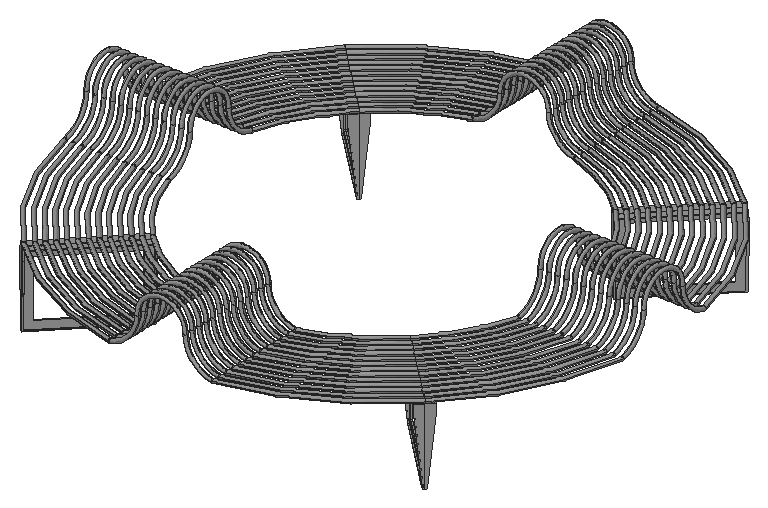
Revit family "Скамейка стальная вокруг дерева «Раструм Цикл» Арт 16759", category Антураж, Revit 2018 (continued)
Automatic sketch dimensions
  Sweep 115 sketch curve to Sweep 115 sketch curve = 35.413 mm  (x2)
  Sweep 115 sketch curve to Sweep 115 sketch curve = 150 mm
  Sweep 115 sketch curve to Sweep 115 sketch curve = 0 mm  (x2)
  Sweep 115 sketch curve to profile plane = 10 mm
  profile plane to Sweep 115 sketch curve = 37.326 mm
  Sweep 116 sketch curve to plane 5 = 1641.25 mm
  Sweep 116 sketch curve to plane 1 "По центру (Вперед/Назад)" = 1655 mm
  Sweep 116 sketch curve to plane 5 = 866.802 mm
  Sweep 116 sketch curve to Sweep 116 sketch curve = 289.59 mm
  Sweep 116 sketch curve to Sweep 116 sketch curve = 298.073 mm
  Sweep 116 sketch curve to profile plane = 10 mm
  level to Sweep 116 sketch curve = 450 mm
  Sweep 117 sketch curve to plane 6 = 150 mm
  Sweep 117 sketch curve to plane 4 = 1319.587 mm
  Sweep 117 sketch curve to Sweep 117 sketch curve = 335.413 mm  (x2)
  Sweep 117 sketch curve to Sweep 117 sketch curve = 35.413 mm  (x2)
  Sweep 117 sketch curve to Sweep 117 sketch curve = 150 mm
  Sweep 117 sketch curve to Sweep 117 sketch curve = 0 mm  (x2)
  Sweep 117 sketch curve to profile plane = 10 mm
  profile plane to Sweep 117 sketch curve = 37.326 mm
  Sweep 118 sketch curve to plane 5 = 1640 mm
  Sweep 118 sketch curve to plane 1 "По центру (Вперед/Назад)" = 1655 mm
  Sweep 118 sketch curve to plane 5 = 901.54 mm
  Sweep 118 sketch curve to Sweep 118 sketch curve = 273.556 mm
  Sweep 118 sketch curve to Sweep 118 sketch curve = 298.073 mm
  Sweep 118 sketch curve to profile plane = 10 mm
  level to Sweep 118 sketch curve = 450 mm
  Sweep 119 sketch curve to plane 6 = 150 mm
  Sweep 119 sketch curve to plane 4 = 1319.587 mm
  Sweep 119 sketch curve to Sweep 119 sketch curve = 335.413 mm  (x2)
  Sweep 119 sketch curve to Sweep 119 sketch curve = 35.413 mm  (x2)
  Sweep 119 sketch curve to Sweep 119 sketch curve = 150 mm
  Sweep 119 sketch curve to Sweep 119 sketch curve = 0 mm  (x2)
  Sweep 119 sketch curve to profile plane = 10 mm
  profile plane to Sweep 119 sketch curve = 37.326 mm
  level to Extrusion 120 sketch curve = 0 mm
  level to Extrusion 120 sketch curve = 390 mm
  Extrusion 120 sketch curve to Extrusion 120 sketch curve = 40 mm
  Extrusion 120 sketch curve to Extrusion 120 sketch curve = 50 mm  (x2)
  Extrusion 121 sketch curve to plane 6 = 357 mm
  level to Extrusion 121 sketch curve = 5 mm
  Extrusion 121 sketch curve to Extrusion 121 sketch curve = 39.487 mm
  Extrusion 121 sketch curve to Extrusion 121 sketch curve = 45 mm  (x2)
  level to Extrusion 122 sketch curve = 390 mm
  Extrusion 122 sketch curve to Extrusion 122 sketch curve = 5 mm
  level to Extrusion 122 sketch curve = 50 mm
  plane 3 "По центру (Влево/Вправо)" to Sweep 123 sketch curve = 1655 mm
  Sweep 123 sketch curve to plane 1 "По центру (Вперед/Назад)" = 1655 mm
  Sweep 123 sketch curve to plane 5 = 484.738 mm
  Sweep 123 sketch curve to plane 5 = 27.064 mm
  Sweep 123 sketch curve to plane 4 = 1356.927 mm
  profile plane to Sweep 123 sketch curve = 10 mm
  level to Sweep 123 sketch curve = 450 mm
  Sweep 124 sketch curve to plane 5 = 1654.375 mm
  Sweep 124 sketch curve to plane 1 "По центру (Вперед/Назад)" = 1655 mm
  Sweep 124 sketch curve to plane 5 = 519.781 mm
  Sweep 124 sketch curve to plane 5 = 77.296 mm
  Sweep 124 sketch curve to plane 4 = 1356.927 mm
  profile plane to Sweep 124 sketch curve = 10 mm
  level to Sweep 124 sketch curve = 450 mm
  Sweep 125 sketch curve to plane 5 = 1653.437 mm
  Sweep 125 sketch curve to plane 1 "По центру (Вперед/Назад)" = 1655 mm
  Sweep 125 sketch curve to plane 5 = 554.668 mm
  Sweep 125 sketch curve to plane 5 = 127.273 mm
  Sweep 125 sketch curve to plane 4 = 1356.927 mm
  profile plane to Sweep 125 sketch curve = 10 mm
  level to Sweep 125 sketch curve = 450 mm
  Sweep 126 sketch curve to plane 5 = 1652.5 mm
  Sweep 126 sketch curve to plane 1 "По центру (Вперед/Назад)" = 1655 mm
  Sweep 126 sketch curve to plane 5 = 589.555 mm
  Sweep 126 sketch curve to plane 5 = 177.313 mm
  Sweep 126 sketch curve to plane 4 = 1356.927 mm
  profile plane to Sweep 126 sketch curve = 10 mm
  level to Sweep 126 sketch curve = 450 mm
  Sweep 127 sketch curve to plane 5 = 1651.484 mm
  Sweep 127 sketch curve to plane 1 "По центру (Вперед/Назад)" = 1655 mm
  Sweep 127 sketch curve to plane 5 = 624.403 mm
  Sweep 127 sketch curve to plane 5 = 227.344 mm
  Sweep 127 sketch curve to plane 4 = 1356.927 mm
  profile plane to Sweep 127 sketch curve = 10 mm
  level to Sweep 127 sketch curve = 450 mm
  Sweep 128 sketch curve to plane 5 = 1650.313 mm
  Sweep 128 sketch curve to plane 1 "По центру (Вперед/Назад)" = 1655 mm
  Sweep 128 sketch curve to plane 5 = 659.174 mm
  Sweep 128 sketch curve to plane 5 = 277.295 mm
  Sweep 128 sketch curve to plane 4 = 1356.927 mm
  profile plane to Sweep 128 sketch curve = 10 mm
  level to Sweep 128 sketch curve = 450 mm
  Sweep 129 sketch curve to plane 5 = 1649.063 mm
  Sweep 129 sketch curve to plane 1 "По центру (Вперед/Назад)" = 1655 mm
  Sweep 129 sketch curve to plane 5 = 693.906 mm
  Sweep 129 sketch curve to plane 5 = 327.254 mm
  Sweep 129 sketch curve to Sweep 129 sketch curve = 298.073 mm
  profile plane to Sweep 129 sketch curve = 10 mm
  level to Sweep 129 sketch curve = 450 mm
  Sweep 130 sketch curve to plane 5 = 1647.813 mm
  Sweep 130 sketch curve to plane 1 "По центру (Вперед/Назад)" = 1655 mm
  Sweep 130 sketch curve to plane 5 = 728.639 mm
  Sweep 130 sketch curve to plane 5 = 377.31 mm
  Sweep 130 sketch curve to Sweep 130 sketch curve = 298.073 mm
  profile plane to Sweep 130 sketch curve = 10 mm
  level to Sweep 130 sketch curve = 450 mm
  Sweep 131 sketch curve to plane 5 = 1646.25 mm
  Sweep 131 sketch curve to plane 1 "По центру (Вперед/Назад)" = 1655 mm
  Sweep 131 sketch curve to plane 5 = 763.217 mm
  Sweep 131 sketch curve to plane 5 = 427.161 mm
  Sweep 131 sketch curve to Sweep 131 sketch curve = 298.073 mm
  profile plane to Sweep 131 sketch curve = 10 mm
  level to Sweep 131 sketch curve = 450 mm
  Sweep 132 sketch curve to plane 5 = 1645 mm
  Sweep 132 sketch curve to plane 1 "По центру (Вперед/Назад)" = 1655 mm
  Sweep 132 sketch curve to plane 5 = 797.951 mm
  Sweep 132 sketch curve to plane 5 = 477.448 mm
  Sweep 132 sketch curve to Sweep 132 sketch curve = 298.073 mm
  profile plane to Sweep 132 sketch curve = 10 mm
  level to Sweep 132 sketch curve = 450 mm
  Sweep 133 sketch curve to plane 5 = 1643.088 mm
  Sweep 133 sketch curve to plane 1 "По центру (Вперед/Назад)" = 1655 mm
  Sweep 133 sketch curve to plane 5 = 832.358 mm
  Sweep 133 sketch curve to plane 5 = 527.213 mm
  Sweep 133 sketch curve to Sweep 133 sketch curve = 298.073 mm
  profile plane to Sweep 133 sketch curve = 10 mm
  level to Sweep 133 sketch curve = 450 mm
  Sweep 134 sketch curve to plane 5 = 1641.25 mm
  Sweep 134 sketch curve to plane 1 "По центру (Вперед/Назад)" = 1655 mm
  Sweep 134 sketch curve to plane 5 = 866.802 mm
  Sweep 134 sketch curve to Sweep 134 sketch curve = 289.59 mm
  Sweep 134 sketch curve to Sweep 134 sketch curve = 298.073 mm
  profile plane to Sweep 134 sketch curve = 10 mm
  level to Sweep 134 sketch curve = 450 mm
  Sweep 135 sketch curve to plane 5 = 1640 mm
  Sweep 135 sketch curve to plane 1 "По центру (Вперед/Назад)" = 1655 mm
  Sweep 135 sketch curve to plane 5 = 901.54 mm
  Sweep 135 sketch curve to Sweep 135 sketch curve = 273.556 mm
  Sweep 135 sketch curve to Sweep 135 sketch curve = 298.073 mm
  profile plane to Sweep 135 sketch curve = 10 mm
  level to Sweep 135 sketch curve = 450 mm
  Extrusion 136 sketch curve to level = 0 mm
  level to Extrusion 136 sketch curve = 390 mm
  Extrusion 136 sketch curve to Extrusion 136 sketch curve = 40 mm
  Extrusion 136 sketch curve to Extrusion 136 sketch curve = 50 mm  (x2)
  Extrusion 137 sketch curve to plane 6 = 357 mm
  level to Extrusion 137 sketch curve = 5 mm
  Extrusion 137 sketch curve to Extrusion 137 sketch curve = 39.487 mm
  Extrusion 137 sketch curve to Extrusion 137 sketch curve = 45 mm  (x2)
  level to Extrusion 138 sketch curve = 390 mm
  Extrusion 138 sketch curve to Extrusion 138 sketch curve = 5 mm
  level to Extrusion 138 sketch curve = 50 mm
  Sweep 139 sketch curve to plane 1 "По центру (Вперед/Назад)" = 1655 mm
  plane 3 "По центру (Влево/Вправо)" to Sweep 139 sketch curve = 1655 mm
  Sweep 139 sketch curve to plane 1 "По центру (Вперед/Назад)" = 484.738 mm
  Sweep 139 sketch curve to plane 1 "По центру (Вперед/Назад)" = 27.064 mm
  plane 3 "По центру (Влево/Вправо)" to Sweep 139 sketch curve = 1356.927 mm
  Sweep 139 sketch curve to profile plane = 10 mm
  level to Sweep 139 sketch curve = 450 mm
  Sweep 140 sketch curve to plane 6 = 150 mm
  Sweep 140 sketch curve to plane 5 = 1319.587 mm
  Sweep 140 sketch curve to Sweep 140 sketch curve = 335.413 mm  (x2)
  Sweep 140 sketch curve to Sweep 140 sketch curve = 35.413 mm  (x2)
  Sweep 140 sketch curve to Sweep 140 sketch curve = 150 mm
  Sweep 140 sketch curve to Sweep 140 sketch curve = 0 mm  (x2)
  Sweep 140 sketch curve to profile plane = 10 mm
  profile plane to Sweep 140 sketch curve = 37.092 mm
  Sweep 141 sketch curve to plane 1 "По центру (Вперед/Назад)" = 1654.375 mm
  plane 3 "По центру (Влево/Вправо)" to Sweep 141 sketch curve = 1655 mm
  Sweep 141 sketch curve to plane 1 "По центру (Вперед/Назад)" = 519.781 mm
  Sweep 141 sketch curve to plane 1 "По центру (Вперед/Назад)" = 77.296 mm
  plane 3 "По центру (Влево/Вправо)" to Sweep 141 sketch curve = 1356.927 mm
  Sweep 141 sketch curve to profile plane = 10 mm
  level to Sweep 141 sketch curve = 450 mm
  Sweep 142 sketch curve to plane 6 = 150 mm
  Sweep 142 sketch curve to plane 5 = 1319.587 mm
  Sweep 142 sketch curve to Sweep 142 sketch curve = 335.413 mm  (x2)
  Sweep 142 sketch curve to Sweep 142 sketch curve = 35.413 mm  (x2)
  Sweep 142 sketch curve to Sweep 142 sketch curve = 150 mm
  Sweep 142 sketch curve to Sweep 142 sketch curve = 0 mm  (x2)
  Sweep 142 sketch curve to profile plane = 10 mm
  profile plane to Sweep 142 sketch curve = 37.326 mm
  Sweep 143 sketch curve to plane 1 "По центру (Вперед/Назад)" = 1653.437 mm
  plane 3 "По центру (Влево/Вправо)" to Sweep 143 sketch curve = 1655 mm
  Sweep 143 sketch curve to plane 1 "По центру (Вперед/Назад)" = 554.668 mm
  Sweep 143 sketch curve to plane 1 "По центру (Вперед/Назад)" = 127.273 mm
  plane 3 "По центру (Влево/Вправо)" to Sweep 143 sketch curve = 1356.927 mm
  Sweep 143 sketch curve to profile plane = 10 mm
  level to Sweep 143 sketch curve = 450 mm
  Sweep 144 sketch curve to plane 6 = 150 mm
  Sweep 144 sketch curve to plane 5 = 1319.587 mm
  Sweep 144 sketch curve to Sweep 144 sketch curve = 335.413 mm  (x2)
  Sweep 144 sketch curve to Sweep 144 sketch curve = 35.413 mm  (x2)
  Sweep 144 sketch curve to Sweep 144 sketch curve = 150 mm
  Sweep 144 sketch curve to Sweep 144 sketch curve = 0 mm  (x2)
  Sweep 144 sketch curve to profile plane = 10 mm
  profile plane to Sweep 144 sketch curve = 37.326 mm
  Sweep 145 sketch curve to plane 1 "По центру (Вперед/Назад)" = 1652.5 mm
  plane 3 "По центру (Влево/Вправо)" to Sweep 145 sketch curve = 1655 mm
  Sweep 145 sketch curve to plane 1 "По центру (Вперед/Назад)" = 589.555 mm
  Sweep 145 sketch curve to plane 1 "По центру (Вперед/Назад)" = 177.313 mm
  plane 3 "По центру (Влево/Вправо)" to Sweep 145 sketch curve = 1356.927 mm
  Sweep 145 sketch curve to profile plane = 10 mm
  level to Sweep 145 sketch curve = 450 mm
  Sweep 146 sketch curve to plane 6 = 150 mm
  Sweep 146 sketch curve to plane 5 = 1319.587 mm
  Sweep 146 sketch curve to Sweep 146 sketch curve = 335.413 mm  (x2)
  Sweep 146 sketch curve to Sweep 146 sketch curve = 35.413 mm  (x2)
  Sweep 146 sketch curve to Sweep 146 sketch curve = 150 mm
  Sweep 146 sketch curve to Sweep 146 sketch curve = 0 mm  (x2)
  Sweep 146 sketch curve to profile plane = 10 mm
  profile plane to Sweep 146 sketch curve = 37.326 mm
  Sweep 147 sketch curve to plane 1 "По центру (Вперед/Назад)" = 1651.484 mm
  plane 3 "По центру (Влево/Вправо)" to Sweep 147 sketch curve = 1655 mm
  Sweep 147 sketch curve to plane 1 "По центру (Вперед/Назад)" = 624.403 mm
  Sweep 147 sketch curve to plane 1 "По центру (Вперед/Назад)" = 227.344 mm
  plane 3 "По центру (Влево/Вправо)" to Sweep 147 sketch curve = 1356.927 mm
  Sweep 147 sketch curve to profile plane = 10 mm
  level to Sweep 147 sketch curve = 450 mm
  Sweep 148 sketch curve to plane 6 = 150 mm
  Sweep 148 sketch curve to plane 5 = 1319.587 mm
  Sweep 148 sketch curve to Sweep 148 sketch curve = 335.413 mm  (x2)
  Sweep 148 sketch curve to Sweep 148 sketch curve = 35.413 mm  (x2)
  Sweep 148 sketch curve to Sweep 148 sketch curve = 150 mm
  Sweep 148 sketch curve to Sweep 148 sketch curve = 0 mm  (x2)
  Sweep 148 sketch curve to profile plane = 10 mm
  profile plane to Sweep 148 sketch curve = 37.326 mm
  Sweep 149 sketch curve to plane 1 "По центру (Вперед/Назад)" = 1650.312 mm
  plane 3 "По центру (Влево/Вправо)" to Sweep 149 sketch curve = 1655 mm
  Sweep 149 sketch curve to plane 1 "По центру (Вперед/Назад)" = 659.174 mm
  Sweep 149 sketch curve to plane 1 "По центру (Вперед/Назад)" = 277.295 mm
  plane 3 "По центру (Влево/Вправо)" to Sweep 149 sketch curve = 1356.927 mm
  Sweep 149 sketch curve to profile plane = 10 mm
  level to Sweep 149 sketch curve = 450 mm
  Sweep 150 sketch curve to plane 6 = 150 mm
  Sweep 150 sketch curve to plane 5 = 1319.587 mm
  Sweep 150 sketch curve to Sweep 150 sketch curve = 335.413 mm  (x2)
  Sweep 150 sketch curve to Sweep 150 sketch curve = 35.413 mm  (x2)
  Sweep 150 sketch curve to Sweep 150 sketch curve = 150 mm
  Sweep 150 sketch curve to Sweep 150 sketch curve = 0 mm  (x2)
  Sweep 150 sketch curve to profile plane = 10 mm
  profile plane to Sweep 150 sketch curve = 37.326 mm
  Sweep 151 sketch curve to plane 1 "По центру (Вперед/Назад)" = 1649.062 mm
  plane 3 "По центру (Влево/Вправо)" to Sweep 151 sketch curve = 1655 mm
  Sweep 151 sketch curve to plane 1 "По центру (Вперед/Назад)" = 693.906 mm
  Sweep 151 sketch curve to plane 1 "По центру (Вперед/Назад)" = 327.254 mm
  Sweep 151 sketch curve to Sweep 151 sketch curve = 298.073 mm
  Sweep 151 sketch curve to profile plane = 10 mm
  level to Sweep 151 sketch curve = 450 mm
  Sweep 152 sketch curve to plane 6 = 150 mm
  Sweep 152 sketch curve to plane 5 = 1319.587 mm
  Sweep 152 sketch curve to Sweep 152 sketch curve = 335.413 mm  (x2)
  Sweep 152 sketch curve to Sweep 152 sketch curve = 35.413 mm  (x2)
  Sweep 152 sketch curve to Sweep 152 sketch curve = 150 mm
  Sweep 152 sketch curve to Sweep 152 sketch curve = 0 mm  (x2)
  Sweep 152 sketch curve to profile plane = 10 mm
  profile plane to Sweep 152 sketch curve = 37.326 mm
  Sweep 153 sketch curve to plane 1 "По центру (Вперед/Назад)" = 1647.812 mm
  plane 3 "По центру (Влево/Вправо)" to Sweep 153 sketch curve = 1655 mm
  Sweep 153 sketch curve to plane 1 "По центру (Вперед/Назад)" = 728.639 mm
  Sweep 153 sketch curve to plane 1 "По центру (Вперед/Назад)" = 377.31 mm
  Sweep 153 sketch curve to Sweep 153 sketch curve = 298.073 mm
  Sweep 153 sketch curve to profile plane = 10 mm
  level to Sweep 153 sketch curve = 450 mm
  Sweep 154 sketch curve to plane 6 = 150 mm
  Sweep 154 sketch curve to plane 5 = 1319.587 mm
  Sweep 154 sketch curve to Sweep 154 sketch curve = 335.413 mm  (x2)
  Sweep 154 sketch curve to Sweep 154 sketch curve = 35.413 mm  (x2)
  Sweep 154 sketch curve to Sweep 154 sketch curve = 150 mm
  Sweep 154 sketch curve to Sweep 154 sketch curve = 0 mm  (x2)
  Sweep 154 sketch curve to profile plane = 10 mm
  profile plane to Sweep 154 sketch curve = 37.326 mm
  Sweep 155 sketch curve to plane 1 "По центру (Вперед/Назад)" = 1646.25 mm
  plane 3 "По центру (Влево/Вправо)" to Sweep 155 sketch curve = 1655 mm
  Sweep 155 sketch curve to plane 1 "По центру (Вперед/Назад)" = 763.217 mm
  Sweep 155 sketch curve to plane 1 "По центру (Вперед/Назад)" = 427.161 mm
  Sweep 155 sketch curve to Sweep 155 sketch curve = 298.073 mm
  Sweep 155 sketch curve to profile plane = 10 mm
  level to Sweep 155 sketch curve = 450 mm
  Sweep 156 sketch curve to plane 6 = 150 mm
  Sweep 156 sketch curve to plane 5 = 1319.587 mm
  Sweep 156 sketch curve to Sweep 156 sketch curve = 335.413 mm  (x2)
  Sweep 156 sketch curve to Sweep 156 sketch curve = 35.413 mm  (x2)
  Sweep 156 sketch curve to Sweep 156 sketch curve = 150 mm
  Sweep 156 sketch curve to Sweep 156 sketch curve = 0 mm  (x2)
  Sweep 156 sketch curve to profile plane = 10 mm
  profile plane to Sweep 156 sketch curve = 37.326 mm
  Sweep 157 sketch curve to plane 1 "По центру (Вперед/Назад)" = 1645 mm
  plane 3 "По центру (Влево/Вправо)" to Sweep 157 sketch curve = 1655 mm
  Sweep 157 sketch curve to plane 1 "По центру (Вперед/Назад)" = 797.951 mm
  Sweep 157 sketch curve to plane 1 "По центру (Вперед/Назад)" = 477.448 mm
  Sweep 157 sketch curve to Sweep 157 sketch curve = 298.073 mm
  Sweep 157 sketch curve to profile plane = 10 mm
  level to Sweep 157 sketch curve = 450 mm
  Sweep 158 sketch curve to plane 6 = 150 mm
  Sweep 158 sketch curve to plane 5 = 1319.587 mm
  Sweep 158 sketch curve to Sweep 158 sketch curve = 335.413 mm  (x2)
  Sweep 158 sketch curve to Sweep 158 sketch curve = 35.413 mm  (x2)
  Sweep 158 sketch curve to Sweep 158 sketch curve = 150 mm
  Sweep 158 sketch curve to Sweep 158 sketch curve = 0 mm  (x2)
  Sweep 158 sketch curve to profile plane = 10 mm
  profile plane to Sweep 158 sketch curve = 37.326 mm
  Sweep 159 sketch curve to plane 1 "По центру (Вперед/Назад)" = 1643.088 mm
  plane 3 "По центру (Влево/Вправо)" to Sweep 159 sketch curve = 1655 mm
  Sweep 159 sketch curve to plane 1 "По центру (Вперед/Назад)" = 832.358 mm
  Sweep 159 sketch curve to plane 1 "По центру (Вперед/Назад)" = 527.213 mm
  Sweep 159 sketch curve to Sweep 159 sketch curve = 298.073 mm
  Sweep 159 sketch curve to profile plane = 10 mm
  level to Sweep 159 sketch curve = 450 mm
  Sweep 160 sketch curve to plane 6 = 150 mm
  Sweep 160 sketch curve to plane 5 = 1319.587 mm
  Sweep 160 sketch curve to Sweep 160 sketch curve = 335.413 mm  (x2)
  Sweep 160 sketch curve to Sweep 160 sketch curve = 35.413 mm  (x2)
  Sweep 160 sketch curve to Sweep 160 sketch curve = 150 mm
  Sweep 160 sketch curve to Sweep 160 sketch curve = 0 mm  (x2)
  Sweep 160 sketch curve to profile plane = 10 mm
  profile plane to Sweep 160 sketch curve = 37.326 mm
  Sweep 161 sketch curve to plane 1 "По центру (Вперед/Назад)" = 1641.25 mm
  plane 3 "По центру (Влево/Вправо)" to Sweep 161 sketch curve = 1655 mm
  Sweep 161 sketch curve to plane 1 "По центру (Вперед/Назад)" = 866.802 mm
  Sweep 161 sketch curve to Sweep 161 sketch curve = 289.59 mm
  Sweep 161 sketch curve to Sweep 161 sketch curve = 298.073 mm
  Sweep 161 sketch curve to profile plane = 10 mm
  level to Sweep 161 sketch curve = 450 mm
  Sweep 162 sketch curve to plane 6 = 150 mm
  Sweep 162 sketch curve to plane 5 = 1319.587 mm
  Sweep 162 sketch curve to Sweep 162 sketch curve = 335.413 mm  (x2)
  Sweep 162 sketch curve to Sweep 162 sketch curve = 35.413 mm  (x2)
  Sweep 162 sketch curve to Sweep 162 sketch curve = 150 mm
  Sweep 162 sketch curve to Sweep 162 sketch curve = 0 mm  (x2)
  Sweep 162 sketch curve to profile plane = 10 mm
  profile plane to Sweep 162 sketch curve = 37.326 mm
  Sweep 163 sketch curve to plane 1 "По центру (Вперед/Назад)" = 1640 mm
  plane 3 "По центру (Влево/Вправо)" to Sweep 163 sketch curve = 1655 mm
  Sweep 163 sketch curve to plane 1 "По центру (Вперед/Назад)" = 901.54 mm
  Sweep 163 sketch curve to Sweep 163 sketch curve = 273.556 mm
  Sweep 163 sketch curve to Sweep 163 sketch curve = 298.073 mm
  Sweep 163 sketch curve to profile plane = 10 mm
  level to Sweep 163 sketch curve = 450 mm
  Sweep 164 sketch curve to plane 6 = 150 mm
  Sweep 164 sketch curve to plane 5 = 1319.587 mm
  Sweep 164 sketch curve to Sweep 164 sketch curve = 335.413 mm  (x2)
  Sweep 164 sketch curve to Sweep 164 sketch curve = 35.413 mm  (x2)
  Sweep 164 sketch curve to Sweep 164 sketch curve = 150 mm
  Sweep 164 sketch curve to Sweep 164 sketch curve = 0 mm  (x2)
  Sweep 164 sketch curve to profile plane = 10 mm
  profile plane to Sweep 164 sketch curve = 37.326 mm
  level to Extrusion 165 sketch curve = 0 mm
  level to Extrusion 165 sketch curve = 390 mm
  Extrusion 165 sketch curve to Extrusion 165 sketch curve = 40 mm
  Extrusion 165 sketch curve to Extrusion 165 sketch curve = 50 mm  (x2)
  Extrusion 166 sketch curve to plane 6 = 357 mm
  level to Extrusion 166 sketch curve = 5 mm
  Extrusion 166 sketch curve to Extrusion 166 sketch curve = 39.487 mm
  Extrusion 166 sketch curve to Extrusion 166 sketch curve = 45 mm  (x2)
  level to Extrusion 167 sketch curve = 390 mm
  Extrusion 167 sketch curve to Extrusion 167 sketch curve = 5 mm
  level to Extrusion 167 sketch curve = 50 mm
  Sweep 168 sketch curve to plane 1 "По центру (Вперед/Назад)" = 1655 mm
  plane 3 "По центру (Влево/Вправо)" to Sweep 168 sketch curve = 1655 mm
  Sweep 168 sketch curve to plane 1 "По центру (Вперед/Назад)" = 484.738 mm
  Sweep 168 sketch curve to plane 1 "По центру (Вперед/Назад)" = 27.064 mm
  Sweep 168 sketch curve to plane 5 = 1356.927 mm
  profile plane to Sweep 168 sketch curve = 10 mm
  level to Sweep 168 sketch curve = 450 mm
  Sweep 169 sketch curve to plane 1 "По центру (Вперед/Назад)" = 1654.375 mm
  plane 3 "По центру (Влево/Вправо)" to Sweep 169 sketch curve = 1655 mm
  Sweep 169 sketch curve to plane 1 "По центру (Вперед/Назад)" = 519.781 mm
  Sweep 169 sketch curve to plane 1 "По центру (Вперед/Назад)" = 77.296 mm
  Sweep 169 sketch curve to plane 5 = 1356.927 mm
  profile plane to Sweep 169 sketch curve = 10 mm
  level to Sweep 169 sketch curve = 450 mm
  Sweep 170 sketch curve to plane 1 "По центру (Вперед/Назад)" = 1653.437 mm
  plane 3 "По центру (Влево/Вправо)" to Sweep 170 sketch curve = 1655 mm
  Sweep 170 sketch curve to plane 1 "По центру (Вперед/Назад)" = 554.668 mm
  Sweep 170 sketch curve to plane 1 "По центру (Вперед/Назад)" = 127.273 mm
  Sweep 170 sketch curve to plane 5 = 1356.927 mm
  profile plane to Sweep 170 sketch curve = 10 mm
  level to Sweep 170 sketch curve = 450 mm
  Sweep 171 sketch curve to plane 1 "По центру (Вперед/Назад)" = 1652.5 mm
  plane 3 "По центру (Влево/Вправо)" to Sweep 171 sketch curve = 1655 mm
  Sweep 171 sketch curve to plane 1 "По центру (Вперед/Назад)" = 589.555 mm
  Sweep 171 sketch curve to plane 1 "По центру (Вперед/Назад)" = 177.313 mm
  Sweep 171 sketch curve to plane 5 = 1356.927 mm
  profile plane to Sweep 171 sketch curve = 10 mm
  level to Sweep 171 sketch curve = 450 mm
  Sweep 172 sketch curve to plane 1 "По центру (Вперед/Назад)" = 1651.484 mm
  plane 3 "По центру (Влево/Вправо)" to Sweep 172 sketch curve = 1655 mm
  Sweep 172 sketch curve to plane 1 "По центру (Вперед/Назад)" = 624.403 mm
  Sweep 172 sketch curve to plane 1 "По центру (Вперед/Назад)" = 227.344 mm
  Sweep 172 sketch curve to plane 5 = 1356.927 mm
  profile plane to Sweep 172 sketch curve = 10 mm
  level to Sweep 172 sketch curve = 450 mm
  Sweep 173 sketch curve to plane 1 "По центру (Вперед/Назад)" = 1650.312 mm
  plane 3 "По центру (Влево/Вправо)" to Sweep 173 sketch curve = 1655 mm
  Sweep 173 sketch curve to plane 1 "По центру (Вперед/Назад)" = 659.174 mm
  Sweep 173 sketch curve to plane 1 "По центру (Вперед/Назад)" = 277.295 mm
  Sweep 173 sketch curve to plane 5 = 1356.927 mm
  profile plane to Sweep 173 sketch curve = 10 mm
  level to Sweep 173 sketch curve = 450 mm
  Sweep 174 sketch curve to plane 1 "По центру (Вперед/Назад)" = 1649.062 mm
  plane 3 "По центру (Влево/Вправо)" to Sweep 174 sketch curve = 1655 mm
  Sweep 174 sketch curve to plane 1 "По центру (Вперед/Назад)" = 693.906 mm
  Sweep 174 sketch curve to plane 1 "По центру (Вперед/Назад)" = 327.254 mm
  Sweep 174 sketch curve to Sweep 174 sketch curve = 298.073 mm
  profile plane to Sweep 174 sketch curve = 10 mm
  level to Sweep 174 sketch curve = 450 mm
  Sweep 175 sketch curve to plane 1 "По центру (Вперед/Назад)" = 1647.812 mm
  plane 3 "По центру (Влево/Вправо)" to Sweep 175 sketch curve = 1655 mm
  Sweep 175 sketch curve to plane 1 "По центру (Вперед/Назад)" = 728.639 mm
  Sweep 175 sketch curve to plane 1 "По центру (Вперед/Назад)" = 377.31 mm
  Sweep 175 sketch curve to Sweep 175 sketch curve = 298.073 mm
  profile plane to Sweep 175 sketch curve = 10 mm
  level to Sweep 175 sketch curve = 450 mm
  Sweep 176 sketch curve to plane 1 "По центру (Вперед/Назад)" = 1646.25 mm
  plane 3 "По центру (Влево/Вправо)" to Sweep 176 sketch curve = 1655 mm
  Sweep 176 sketch curve to plane 1 "По центру (Вперед/Назад)" = 763.217 mm
  Sweep 176 sketch curve to plane 1 "По центру (Вперед/Назад)" = 427.161 mm
  Sweep 176 sketch curve to Sweep 176 sketch curve = 298.073 mm
  profile plane to Sweep 176 sketch curve = 10 mm
  level to Sweep 176 sketch curve = 450 mm
  Sweep 177 sketch curve to plane 1 "По центру (Вперед/Назад)" = 1645 mm
  plane 3 "По центру (Влево/Вправо)" to Sweep 177 sketch curve = 1655 mm
  Sweep 177 sketch curve to plane 1 "По центру (Вперед/Назад)" = 797.951 mm
  Sweep 177 sketch curve to plane 1 "По центру (Вперед/Назад)" = 477.448 mm
  Sweep 177 sketch curve to Sweep 177 sketch curve = 298.073 mm
  profile plane to Sweep 177 sketch curve = 10 mm
  level to Sweep 177 sketch curve = 450 mm
  Sweep 178 sketch curve to plane 1 "По центру (Вперед/Назад)" = 1643.088 mm
  plane 3 "По центру (Влево/Вправо)" to Sweep 178 sketch curve = 1655 mm
  Sweep 178 sketch curve to plane 1 "По центру (Вперед/Назад)" = 832.358 mm
  Sweep 178 sketch curve to plane 1 "По центру (Вперед/Назад)" = 527.213 mm
  Sweep 178 sketch curve to Sweep 178 sketch curve = 298.073 mm
  profile plane to Sweep 178 sketch curve = 10 mm
  level to Sweep 178 sketch curve = 450 mm
  Sweep 179 sketch curve to plane 1 "По центру (Вперед/Назад)" = 1641.25 mm
  plane 3 "По центру (Влево/Вправо)" to Sweep 179 sketch curve = 1655 mm
  Sweep 179 sketch curve to plane 1 "По центру (Вперед/Назад)" = 866.802 mm
  Sweep 179 sketch curve to Sweep 179 sketch curve = 289.59 mm
  Sweep 179 sketch curve to Sweep 179 sketch curve = 298.073 mm
  profile plane to Sweep 179 sketch curve = 10 mm
  level to Sweep 179 sketch curve = 450 mm
  Sweep 180 sketch curve to plane 1 "По центру (Вперед/Назад)" = 1640 mm
  plane 3 "По центру (Влево/Вправо)" to Sweep 180 sketch curve = 1655 mm
  Sweep 180 sketch curve to plane 1 "По центру (Вперед/Назад)" = 901.54 mm
  Sweep 180 sketch curve to Sweep 180 sketch curve = 273.556 mm
  Sweep 180 sketch curve to Sweep 180 sketch curve = 298.073 mm
  profile plane to Sweep 180 sketch curve = 10 mm
  level to Sweep 180 sketch curve = 450 mm
  level to Extrusion 181 sketch curve = 0 mm
  level to Extrusion 181 sketch curve = 390 mm
  Extrusion 181 sketch curve to Extrusion 181 sketch curve = 40 mm
  Extrusion 181 sketch curve to Extrusion 181 sketch curve = 50 mm  (x2)
  Extrusion 182 sketch curve to plane 6 = 357 mm
  level to Extrusion 182 sketch curve = 5 mm
  Extrusion 182 sketch curve to Extrusion 182 sketch curve = 39.487 mm
  Extrusion 182 sketch curve to Extrusion 182 sketch curve = 45 mm  (x2)
  level to Extrusion 183 sketch curve = 390 mm
  Extrusion 183 sketch curve to Extrusion 183 sketch curve = 5 mm
  level to Extrusion 183 sketch curve = 50 mm
  plane 3 "По центру (Влево/Вправо)" to curve 1 = 1655 mm
  curve 1 to plane 1 "По центру (Вперед/Назад)" = 1655 mm
  radius of Sweep 1 sketch curve = 10 mm
  radius of Sweep 2 sketch curve = 10 mm
  radius of Sweep 3 sketch curve = 10 mm
  radius of Sweep 4 sketch curve = 10 mm
  radius of Sweep 5 sketch curve = 10 mm
  radius of Sweep 6 sketch curve = 10 mm
  radius of Sweep 7 sketch curve = 10 mm
  radius of Sweep 8 sketch curve = 10 mm
  radius of Sweep 9 sketch curve = 10 mm
  radius of Sweep 10 sketch curve = 10 mm
  radius of Sweep 11 sketch curve = 10 mm
  radius of Sweep 12 sketch curve = 10 mm
  radius of Sweep 13 sketch curve = 10 mm
  radius of Sweep 14 sketch curve = 10 mm
  radius of Sweep 15 sketch curve = 10 mm
  radius of Sweep 16 sketch curve = 10 mm
  radius of Sweep 17 sketch curve = 10 mm
  radius of Sweep 18 sketch curve = 10 mm
  radius of Sweep 19 sketch curve = 10 mm
  radius of Sweep 20 sketch curve = 10 mm
  radius of Sweep 21 sketch curve = 10 mm
  radius of Sweep 22 sketch curve = 10 mm
  radius of Sweep 23 sketch curve = 10 mm
  radius of Sweep 24 sketch curve = 10 mm
  radius of Sweep 25 sketch curve = 10 mm
  radius of Sweep 26 sketch curve = 10 mm
  radius of Sweep 33 sketch curve = 10 mm
  radius of Sweep 34 sketch curve = 10 mm
  radius of Sweep 35 sketch curve = 10 mm
  radius of Sweep 36 sketch curve = 10 mm
  radius of Sweep 37 sketch curve = 10 mm
  radius of Sweep 38 sketch curve = 10 mm
  radius of Sweep 39 sketch curve = 10 mm
  radius of Sweep 40 sketch curve = 10 mm
  radius of Sweep 41 sketch curve = 10 mm
  radius of Sweep 42 sketch curve = 10 mm
  radius of Sweep 43 sketch curve = 10 mm
  radius of Sweep 44 sketch curve = 10 mm
  radius of Sweep 45 sketch curve = 10 mm
  radius of Sweep 49 sketch curve = 10 mm
  radius of Sweep 50 sketch curve = 10 mm
  radius of Sweep 51 sketch curve = 10 mm
  radius of Sweep 52 sketch curve = 10 mm
  radius of Sweep 53 sketch curve = 10 mm
  radius of Sweep 54 sketch curve = 10 mm
  radius of Sweep 55 sketch curve = 10 mm
  radius of Sweep 56 sketch curve = 10 mm
  radius of Sweep 57 sketch curve = 10 mm
  radius of Sweep 58 sketch curve = 10 mm
  radius of Sweep 59 sketch curve = 10 mm
  radius of Sweep 60 sketch curve = 10 mm
  radius of Sweep 61 sketch curve = 10 mm
  radius of Sweep 62 sketch curve = 10 mm
  radius of Sweep 63 sketch curve = 10 mm
  radius of Sweep 64 sketch curve = 10 mm
  radius of Sweep 65 sketch curve = 10 mm
  radius of Sweep 66 sketch curve = 10 mm
  radius of Sweep 67 sketch curve = 10 mm
  radius of Sweep 68 sketch curve = 10 mm
  radius of Sweep 69 sketch curve = 10 mm
  radius of Sweep 70 sketch curve = 10 mm
  radius of Sweep 71 sketch curve = 10 mm
  radius of Sweep 72 sketch curve = 10 mm
  radius of Sweep 73 sketch curve = 10 mm
  radius of Sweep 74 sketch curve = 10 mm
  radius of Sweep 78 sketch curve = 10 mm
  radius of Sweep 79 sketch curve = 10 mm
  radius of Sweep 80 sketch curve = 10 mm
  radius of Sweep 81 sketch curve = 10 mm
  radius of Sweep 82 sketch curve = 10 mm
  radius of Sweep 83 sketch curve = 10 mm
  radius of Sweep 84 sketch curve = 10 mm
  radius of Sweep 85 sketch curve = 10 mm
  radius of Sweep 86 sketch curve = 10 mm
  radius of Sweep 87 sketch curve = 10 mm
  radius of Sweep 88 sketch curve = 10 mm
  radius of Sweep 89 sketch curve = 10 mm
  radius of Sweep 90 sketch curve = 10 mm
  radius of Sweep 94 sketch curve = 10 mm
  radius of Sweep 95 sketch curve = 10 mm
  radius of Sweep 96 sketch curve = 10 mm
  radius of Sweep 97 sketch curve = 10 mm
  radius of Sweep 98 sketch curve = 10 mm
  radius of Sweep 99 sketch curve = 10 mm
  radius of Sweep 100 sketch curve = 10 mm
  radius of Sweep 101 sketch curve = 10 mm
  radius of Sweep 102 sketch curve = 10 mm
  radius of Sweep 103 sketch curve = 10 mm
  radius of Sweep 104 sketch curve = 10 mm
  radius of Sweep 105 sketch curve = 10 mm
  radius of Sweep 106 sketch curve = 10 mm
  radius of Sweep 107 sketch curve = 10 mm
  radius of Sweep 108 sketch curve = 10 mm
  radius of Sweep 109 sketch curve = 10 mm
  radius of Sweep 110 sketch curve = 10 mm
  radius of Sweep 111 sketch curve = 10 mm
  radius of Sweep 112 sketch curve = 10 mm
  radius of Sweep 113 sketch curve = 10 mm
  radius of Sweep 114 sketch curve = 10 mm
  radius of Sweep 115 sketch curve = 10 mm
  radius of Sweep 116 sketch curve = 10 mm
  radius of Sweep 117 sketch curve = 10 mm
  radius of Sweep 118 sketch curve = 10 mm
  radius of Sweep 119 sketch curve = 10 mm
  radius of Sweep 123 sketch curve = 10 mm
  radius of Sweep 124 sketch curve = 10 mm
  radius of Sweep 125 sketch curve = 10 mm
  radius of Sweep 126 sketch curve = 10 mm
  radius of Sweep 127 sketch curve = 10 mm
  radius of Sweep 128 sketch curve = 10 mm
  radius of Sweep 129 sketch curve = 10 mm
  radius of Sweep 130 sketch curve = 10 mm
  radius of Sweep 131 sketch curve = 10 mm
  radius of Sweep 132 sketch curve = 10 mm
  radius of Sweep 133 sketch curve = 10 mm
  radius of Sweep 134 sketch curve = 10 mm
  radius of Sweep 135 sketch curve = 10 mm
  radius of Sweep 139 sketch curve = 10 mm
  radius of Sweep 140 sketch curve = 10 mm
  radius of Sweep 141 sketch curve = 10 mm
  radius of Sweep 142 sketch curve = 10 mm
  radius of Sweep 143 sketch curve = 10 mm
  radius of Sweep 144 sketch curve = 10 mm
  radius of Sweep 145 sketch curve = 10 mm
  radius of Sweep 146 sketch curve = 10 mm
  radius of Sweep 147 sketch curve = 10 mm
  radius of Sweep 148 sketch curve = 10 mm
  radius of Sweep 149 sketch curve = 10 mm
  radius of Sweep 150 sketch curve = 10 mm
  radius of Sweep 151 sketch curve = 10 mm
  radius of Sweep 152 sketch curve = 10 mm
  radius of Sweep 153 sketch curve = 10 mm
  radius of Sweep 154 sketch curve = 10 mm
  radius of Sweep 155 sketch curve = 10 mm
  radius of Sweep 156 sketch curve = 10 mm
  radius of Sweep 157 sketch curve = 10 mm
  radius of Sweep 158 sketch curve = 10 mm
  radius of Sweep 159 sketch curve = 10 mm
  radius of Sweep 160 sketch curve = 10 mm
  radius of Sweep 161 sketch curve = 10 mm
  radius of Sweep 162 sketch curve = 10 mm
  radius of Sweep 163 sketch curve = 10 mm
  radius of Sweep 164 sketch curve = 10 mm
  radius of Sweep 168 sketch curve = 10 mm
  radius of Sweep 169 sketch curve = 10 mm
  radius of Sweep 170 sketch curve = 10 mm
  radius of Sweep 171 sketch curve = 10 mm
  radius of Sweep 172 sketch curve = 10 mm
  radius of Sweep 173 sketch curve = 10 mm
  radius of Sweep 174 sketch curve = 10 mm
  radius of Sweep 175 sketch curve = 10 mm
  radius of Sweep 176 sketch curve = 10 mm
  radius of Sweep 177 sketch curve = 10 mm
  radius of Sweep 178 sketch curve = 10 mm
  radius of Sweep 179 sketch curve = 10 mm
  radius of Sweep 180 sketch curve = 10 mm
